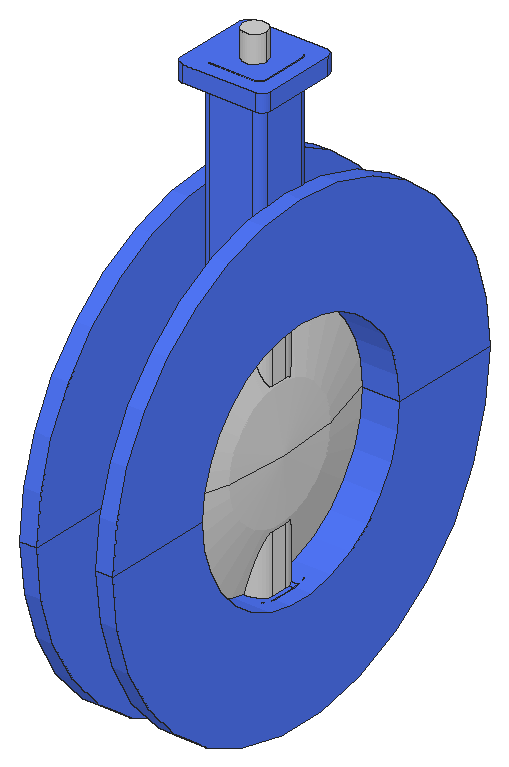
Revit family "820-20-024-DN150-1600", category Generic Models, Revit 2019
Family settings
  Can host rebar = No
  Round Connector Dimension = Use Diameter
  Part Type = Normal
  Work Plane-Based = No
  Always vertical = Yes
  Cut with Voids When Loaded = No
  Shared = No
  Room Calculation Point = No
Parameters (values of type "DN0150_PN10/16")
  W2_ref = size_lookup(Search_table, "W2", 0 mm, DN)  # 210 mm
  URL product pages = "https://www.avkvalves.com/P.aspx?no=820015020021L0160002"
  Search_table = "820-20-024-DN150-1600"
  L_ref_3 = L_ref / 1.2  # 30 mm
  L_ref_2 = L_ref * 1.5  # 54 mm
  L_ref = L - (Flange_thickness * 2)  # 36 mm
  L2 = size_lookup(Search_table, "L2", 0 mm, DN) / 2  # 142.5 mm
  L = size_lookup(Search_table, "L", 0 mm, DN)  # 56 mm
  ID = DN / 2  # 75 mm
  H2 = size_lookup(Search_table, "H2", 0 mm, DN)  # 143 mm
  Flange_thickness = size_lookup(Search_table, "Flange_Thickness", 0 mm, DN)  # 10 mm
  F2 = size_lookup(Search_table, "F2", 0 mm, DN)  # 16 mm
  F = size_lookup(Search_table, "F", 0 mm, DN)  # 14 mm
  Description_ = "AVK CENTRIC U-SECTION BUTTERFLY VALVE"
  DN = 150 mm
  Body_wallthickness = 10 mm  # constant formula
  820-1600-20-02060161002 = "DN1600_PN16"
  820-1600-20-02060031002 = "DN1600_PN10"
  820-1400-20-02060161002 = "DN1400_PN16"
  820-1400-20-02060031002 = "DN1400_PN10"
  820-1200-20-02060161002 = "DN1200_PN16"
  820-1200-20-02060031002 = "DN1200_PN10"
  820-1100-20-02060161002 = "DN1100_PN16"
  820-1100-20-02060031002 = "DN1100_PN10"
  820-1000-20-02060161002 = "DN1000_PN16"
  820-1000-20-02060031002 = "DN1000_PN10"
  820-0900-20-02060161002 = "DN900_PN16"
  820-0900-20-02060031002 = "DN900_PN10"
  820-0800-20-02060161002 = "DN800_PN16"
  820-0800-20-02060031002 = "DN800_PN10"
  820-0700-20-02060161002 = "DN700_PN16"
  820-0700-20-02060031002 = "DN700_PN10"
  820-0600-20-02060161002 = "DN600_PN16"
  820-0600-20-02060031002 = "DN600_PN10"
  820-0500-20-02060161002 = "DN500_PN16"
  820-0500-20-02060031002 = "DN500_PN10"
  820-0450-20-02060161002 = "DN450_PN16"
  820-0450-20-02060031002 = "DN450_PN10"
  820-0400-20-02020160002 = "DN400_PN16"
  820-0400-20-02020030002 = "DN400_PN10"
  820-0350-20-02020160002 = "DN350_PN16"
  820-0350-20-02020030002 = "DN350_PN10"
  820-0300-20-021L0160002 = "DN300_PN16"
  820-0300-20-021L0030002 = "DN300_PN10"
  820-0250-20-021L0160002 = "DN250_PN16"
  820-0250-20-021L0030002 = "DN250_PN10"
  820-0200-20-021L0160002 = "DN200_PN16"
  820-0200-20-021L0030002 = "DN200_PN10"
  820-0150-20-021L0160002 = "DN150_PN 10/16"
Types (34, lengths in mm): name | W2_ref | L_ref_3 | L_ref_2 | L_ref | L2 | L | ID | H2 | Flange_thickness | F2 | F | DN
  (no name) | 210 | 30 | 54 | 36 | 142.5 | 56 | 75 | 143 | 10 | 16 | 14 | 150
  DN0150_PN10/16 | 210 | 30 | 54 | 36 | 142.5 | 56 | 75 | 143 | 10 | 16 | 14 | 150
  DN0200_PN10 | 240 | 33.333 | 60 | 40 | 170 | 60 | 100 | 170 | 10 | 19 | 17 | 200
  DN0200_PN16 | 240 | 33.333 | 60 | 40 | 170 | 60 | 100.05 | 170 | 10 | 19 | 17 | 200.1
  DN0250_PN10 | 279 | 40 | 72 | 48 | 203 | 68 | 125 | 200 | 10 | 24 | 22 | 250
  DN0250_PN16 | 279 | 40 | 72 | 48 | 203 | 68 | 125.05 | 200 | 10 | 24 | 22 | 250.1
  DN0300_PN10 | 315 | 48.333 | 87 | 58 | 241 | 78 | 150 | 239 | 10 | 24 | 22 | 300
  DN0300_PN16 | 315 | 48.333 | 87 | 58 | 241 | 78 | 150.05 | 239 | 10 | 24 | 22 | 300.1
  DN0350_PN10 | 330 | 46.667 | 84 | 56 | 266.5 | 80 | 175 | 265 | 12 | 40 | 22 | 350
  DN0350_PN16 | 330 | 46.667 | 84 | 56 | 266.5 | 80 | 175.05 | 265 | 12 | 40 | 22 | 350.1
  DN0400_PN10 | 365 | 65 | 117 | 78 | 298.5 | 102 | 200 | 296 | 12 | 40 | 27 | 400
  DN0400_PN16 | 365 | 65 | 117 | 78 | 298.5 | 102 | 200.05 | 296 | 12 | 40 | 27 | 400.1
  DN0450_PN10 | 397 | 69.167 | 124.5 | 83 | 320 | 113 | 225 | 355 | 15 | 65 | 45 | 450
  DN0450_PN16 | 397 | 69.167 | 124.5 | 83 | 320 | 113 | 225.05 | 355 | 15 | 65 | 45 | 450.1
  DN0500_PN10 | 437 | 76.667 | 138 | 92 | 357.5 | 126 | 250 | 393 | 17 | 65 | 45 | 500
  DN0500_PN16 | 437 | 76.667 | 138 | 92 | 357.5 | 126 | 250.05 | 393 | 17 | 65 | 45 | 500.1
  DN0600_PN10 | 522 | 99.167 | 178.5 | 119 | 420 | 153 | 300 | 464 | 17 | 80 | 70 | 600
  DN0600_PN16 | 522 | 99.167 | 178.5 | 119 | 420 | 153 | 300.05 | 464 | 17 | 80 | 70 | 600.1
  DN0700_PN10 | 565 | 108.333 | 195 | 130 | 463.5 | 168 | 350 | 503 | 19 | 80 | 70 | 700
  DN0700_PN16 | 565 | 108.333 | 195 | 130 | 463.5 | 168 | 350.05 | 503 | 19 | 80 | 70 | 700.1
  DN0800_PN10 | 627 | 123.333 | 222 | 148 | 530 | 190 | 400 | 577 | 21 | 80 | 70 | 800
  DN0800_PN16 | 627 | 123.333 | 222 | 148 | 530 | 190 | 400.05 | 577 | 21 | 80 | 70 | 800.1
  DN0900_PN10 | 696 | 131.667 | 237 | 158 | 585 | 204 | 450 | 643 | 23 | 100 | 80 | 900
  DN0900_PN16 | 696 | 131.667 | 237 | 158 | 585 | 204 | 450.05 | 643 | 23 | 100 | 80 | 900.1
  DN1000_PN10 | 745 | 140 | 252 | 168 | 627.5 | 218 | 500 | 693 | 25 | 100 | 80 | 1000
  DN1000_PN16 | 745 | 140 | 252 | 168 | 627.5 | 218 | 500.05 | 693 | 25 | 100 | 80 | 1000.1
  DN1100_PN10 | 820 | 140 | 252 | 168 | 697.5 | 218 | 550 | 738 | 25 | 100 | 80 | 1100
  DN1100_PN16 | 820 | 140 | 252 | 168 | 697.5 | 218 | 550.05 | 738 | 25 | 100 | 80 | 1100.1
  DN1200_PN10 | 881 | 166.667 | 300 | 200 | 742.5 | 254 | 600 | 806 | 27 | 120 | 100 | 1200
  DN1200_PN16 | 881 | 166.667 | 300 | 200 | 742.5 | 254 | 600.05 | 806 | 27 | 120 | 100 | 1200.1
  DN1400_PN10 | 990 | 185 | 333 | 222 | 873 | 280 | 700 | 908 | 29 | 120 | 120 | 1400
  DN1400_PN16 | 990 | 185 | 333 | 222 | 873 | 280 | 700.05 | 908 | 29 | 120 | 120 | 1400.1
  DN1600_PN10 | 1117 | 216.667 | 390 | 260 | 962 | 318 | 800 | 1048 | 29 | 155 | 130 | 1600
  DN1600_PN16 | 1117 | 216.667 | 390 | 260 | 962 | 318 | 800.05 | 1048 | 29 | 155 | 130 | 1600.1
Reference planes
  plane 1 "Center (Front/Back)": y = 0
  plane 2: z = 0
  plane 3 "Center (Left/Right)": x = 0
  plane 4: z = 210
  plane 5: z = -143
  plane 6: y = 18
  plane 7: x = -18
  plane 8: y = -18
  plane 9: x = 18
  plane 10: x = -13
  plane 11: x = 13
  plane 12: y = -13
  plane 13: y = -13
  plane 14: x = -13
  plane 15: x = 13
  plane 16: y = 13
  plane 17: y = 13
  plane 18: y = 27
  plane 19: x = 27
  plane 20: y = -27
  plane 21: x = -27
  plane 22: x = 22
  plane 23: y = 21.506
  plane 24: y = -22
  plane 25: x = 22
  plane 26: x = -21.715
  plane 27: y = -22
  plane 28: y = 21.506
  plane 29: x = -21.715
  plane 30: z = 226
  plane 31: y = 15
  plane 32: x = -15
  plane 33: x = 15
  plane 34: y = -15
  plane 35: x = -5
  plane 36: x = 5
  plane 37: y = 5
  plane 38: y = -5
  plane 39: x = 5
  plane 40: x = -5
  plane 41: y = -5
  plane 42: y = 5
  plane 43: z = 75
  plane 44: z = -75
  plane 45: y = 142.5
  plane 46: y = -142.5
Forms (mm)
  Revolve 1, solid, material "Plastic"
    sketch origin (0, 0, 0) x (1, 0, 0) y (0, 1, 0)
      loop
        line (-18, 142.5) -> (-28, 142.5) -> (-28, 75) -> (28, 75) -> (28, 142.5) -> (18, 142.5) -> (18, 85) -> (-18, 85) -> (-18, 142.5)
      axis (-28, 0) -> (28, 0)
    angle from 0 to 360
  Extrusion 2, solid, material "Plastic"
    sketch origin (0, 0, 0) x (1, 0, 0) y (0, 1, 0)
      loop
        arc (-13, 18) -> (-16.536, 16.536) -> (-18, 13) r 5
        line (-18, 13) -> (-18, -13)
        arc (-18, -13) -> (-16.536, -16.536) -> (-13, -18) r 5
        line (-13, -18) -> (13, -18)
        arc (13, -18) -> (16.536, -16.536) -> (18, -13) r 5
        line (18, -13) -> (18, 13)
        arc (18, 13) -> (16.536, 16.536) -> (13, 18) r 5
        line (13, 18) -> (-13, 18)
    from -143 to 210
  Extrusion 3, solid, material "Plastic"
    sketch origin (0, 0, 0) x (1, 0, 0) y (0, 1, 0)
      loop
        arc (-21.715, 27) -> (-25.527, 25.378) -> (-27, 21.506) r 5.289
        line (-27, 21.506) -> (-27, -22)
        arc (-27, -22) -> (-25.434, -25.638) -> (-21.715, -27) r 5.008
        line (-21.715, -27) -> (22, -27)
        arc (22, -27) -> (25.536, -25.536) -> (27, -22) r 5
        line (27, -22) -> (27, 21.506)
        arc (27, 21.506) -> (25.563, 25.22) -> (22, 27) r 5.518
        line (22, 27) -> (-21.715, 27)
    from 200 to 210
  Extrusion 4, solid, material "Stainless Steel AISI 304"
    sketch origin (0, 0, 0) x (1, 0, 0) y (0, 1, 0)
      loop
        circle (0, 0) r 7
    from 210 to 226
  Revolve 5, void
    sketch origin (0, 0, 0) x (1, 0, 0) y (0, 1, 0)
      loop
        line (-28, 75) -> (-28, 0) -> (28, 0) -> (28, 75) -> (-28, 75)
      axis (-28, 0) -> (28, 0)
    angle from 0 to 360
  Revolve 6, solid, material "Stainless Steel AISI 304"
    sketch origin (0, 0, 0) x (1, 0, 0) y (0, 1, 0)
      loop
        line (-18, 0) -> (18, 0)
        arc (18, 0) -> (15.429, 38.181) -> (5, 75) r 183.609
        line (5, 75) -> (-5, 75)
        arc (-5, 75) -> (-15.429, 38.181) -> (-18, 0) r 183.609
      axis (-18, 0) -> (18, 0)
    angle from 0 to 360
  Extrusion 7, solid, material "Stainless Steel AISI 304"
    sketch origin (0, 0, 0) x (1, 0, 0) y (0, 1, 0)
      loop
        arc (-5, 15) -> (-12.071, 12.071) -> (-15, 5) r 10
        line (-15, 5) -> (-15, -5)
        arc (-15, -5) -> (-12.071, -12.071) -> (-5, -15) r 10
        line (-5, -15) -> (5, -15)
        arc (5, -15) -> (12.071, -12.071) -> (15, -5) r 10
        line (15, -5) -> (15, 5)
        arc (15, 5) -> (12.071, 12.071) -> (5, 15) r 10
        line (5, 15) -> (-5, 15)
    from -75 to 75
Cuts and joins
  Revolve 5 cuts Revolve 1
  Revolve 5 cuts Extrusion 2
Dimensions and locks
  equal spacing: Revolve 1 sketch curve, plane 3 "Center (Left/Right)", Revolve 1 sketch curve
  "ID": plane 1 "Center (Front/Back)" to Revolve 1 sketch curve
  "L": Revolve 1 sketch curve to Revolve 1 sketch curve
  "Body_wallthickness": Revolve 1 sketch curve to Revolve 1 sketch curve
  "L2": plane 1 "Center (Front/Back)" to Revolve 1 sketch curve
  "Flange_thickness": Revolve 1 sketch curve to Revolve 1 sketch curve  (x2)
  "W2_ref": plane 4 to level
  "H2": level to plane 5
  locked: plane 7 to plane 10 at 5
  locked: plane 11 to plane 9 at 5
  locked: plane 6 to plane 16 at 5
  locked: plane 12 to plane 8 at 5
  locked: plane 15 to plane 9 at 5
  locked: plane 7 to plane 14 at 5
  locked: plane 13 to plane 8 at 5
  locked: plane 17 to plane 6 at 5
  equal spacing: plane 7, plane 3 "Center (Left/Right)", plane 9
  "L_ref": plane 7 to plane 9
  equal spacing: plane 6, plane 1 "Center (Front/Back)", plane 8
  "L_ref": plane 6 to plane 8
  equal spacing: plane 21, plane 3 "Center (Left/Right)", plane 19
  equal spacing: plane 18, plane 1 "Center (Front/Back)", plane 20
  "L_ref_2": plane 21 to plane 19
  "L_ref_2": plane 18 to plane 20
  locked: plane 18 to plane 23 at 5.494
  locked: plane 24 to plane 20 at 5
  locked: plane 25 to plane 19 at 5
  locked: plane 21 to plane 26 at 5.285
  locked: plane 27 to plane 20 at 5
  locked: plane 28 to plane 18 at 5.494
  locked: plane 21 to plane 29 at 5.285
  locked: plane 22 to plane 19 at 5
  "Flange_thickness": plane 4 to Extrusion 3
  "F2": plane 30 to plane 4
  "ID": plane 1 "Center (Front/Back)" to Revolve 5 sketch curve
  "ID": Revolve 6 sketch curve to plane 1 "Center (Front/Back)"
  equal spacing: Revolve 6 sketch curve, plane 3 "Center (Left/Right)", Revolve 6 sketch curve  (x2)
  "Flange_thickness": Revolve 6 sketch curve to Revolve 6 sketch curve
  "L_ref": Revolve 6 sketch curve to Revolve 6 sketch curve
  "Flange_thickness": plane 36 to plane 33
  "Flange_thickness": plane 31 to plane 37
  "Flange_thickness": plane 32 to plane 35
  "Flange_thickness": plane 42 to plane 31
  "Flange_thickness": plane 41 to plane 34
  "Flange_thickness": plane 32 to plane 40
  "Flange_thickness": plane 39 to plane 33
  "Flange_thickness": plane 38 to plane 34
  equal spacing: plane 32, plane 3 "Center (Left/Right)", plane 33
  "L_ref_3": plane 32 to plane 33
  equal spacing: plane 31, plane 1 "Center (Front/Back)", plane 34
  "L_ref_3": plane 31 to plane 34
  equal spacing: plane 43, level, plane 44
  "ID": plane 43 to level
  equal spacing: plane 45, plane 1 "Center (Front/Back)", plane 46
  "L2": plane 1 "Center (Front/Back)" to plane 46
  plane 45 to plane 46 = 285 mm
  "F": diameter of Extrusion 4 sketch curve
  aligned and locked: level to plane 2
  aligned and locked: Revolve 1 sketch curve to Revolve 1 sketch curve
  aligned and locked: plane 1 "Center (Front/Back)" to Revolve 1 sketch curve
  aligned and locked: plane 11 to Extrusion 2 sketch curve
  aligned and locked: plane 6 to Extrusion 2 sketch curve  (x2)
  aligned and locked: plane 16 to Extrusion 2 sketch curve
  aligned and locked: plane 9 to Extrusion 2 sketch curve  (x2)
  aligned and locked: plane 12 to Extrusion 2 sketch curve
  aligned and locked: plane 8 to Extrusion 2 sketch curve  (x2)
  aligned and locked: plane 15 to Extrusion 2 sketch curve
  aligned and locked: plane 14 to Extrusion 2 sketch curve
  aligned and locked: plane 7 to Extrusion 2 sketch curve  (x2)
  aligned and locked: plane 13 to Extrusion 2 sketch curve
  aligned and locked: plane 17 to Extrusion 2 sketch curve
  aligned and locked: plane 10 to Extrusion 2 sketch curve
  aligned and locked: plane 4 to Extrusion 2
  aligned and locked: Extrusion 2 to plane 5
  aligned and locked: plane 29 to Extrusion 3 sketch curve
  aligned and locked: plane 18 to Extrusion 3 sketch curve  (x2)
  aligned and locked: plane 22 to Extrusion 3 sketch curve
  aligned and locked: plane 19 to Extrusion 3 sketch curve  (x2)
  aligned and locked: plane 23 to Extrusion 3 sketch curve
  aligned and locked: plane 24 to Extrusion 3 sketch curve
  aligned and locked: plane 20 to Extrusion 3 sketch curve  (x2)
  aligned and locked: plane 25 to Extrusion 3 sketch curve
  aligned and locked: plane 26 to Extrusion 3 sketch curve
  aligned and locked: plane 21 to Extrusion 3 sketch curve  (x2)
  aligned and locked: plane 27 to Extrusion 3 sketch curve
  aligned and locked: plane 28 to Extrusion 3 sketch curve
  aligned and locked: plane 4 to Extrusion 3
  aligned and locked: plane 30 to Extrusion 4
  aligned and locked: Extrusion 4 to plane 4
  aligned and locked: Revolve 5 sketch curve to Revolve 1
  aligned and locked: Revolve 5 sketch curve to plane 1 "Center (Front/Back)"
  aligned and locked: Revolve 1 to Revolve 5 sketch curve
  aligned and locked: Revolve 5 sketch curve to Revolve 5 sketch curve
  aligned and locked: plane 1 "Center (Front/Back)" to Revolve 6 sketch curve
  aligned and locked: Revolve 6 sketch curve to Revolve 6 sketch curve
  aligned and locked: Extrusion 7 sketch curve to plane 36
  aligned and locked: plane 31 to Extrusion 7 sketch curve  (x2)
  aligned and locked: plane 37 to Extrusion 7 sketch curve
  aligned and locked: plane 33 to Extrusion 7 sketch curve  (x2)
  aligned and locked: plane 38 to Extrusion 7 sketch curve
  aligned and locked: plane 34 to Extrusion 7 sketch curve  (x2)
  aligned and locked: plane 39 to Extrusion 7 sketch curve
  aligned and locked: plane 40 to Extrusion 7 sketch curve
  aligned and locked: plane 32 to Extrusion 7 sketch curve  (x2)
  aligned and locked: plane 41 to Extrusion 7 sketch curve
  aligned and locked: plane 42 to Extrusion 7 sketch curve
  aligned and locked: Extrusion 7 sketch curve to plane 35
  aligned and locked: plane 43 to Extrusion 7
  aligned and locked: Extrusion 7 to plane 44
  aligned and locked: plane 3 "Center (Left/Right)" to nested 1
Automatic sketch dimensions
  Revolve 1 sketch curve to plane 3 "Center (Left/Right)" = 13 mm
  plane 3 "Center (Left/Right)" to Revolve 1 sketch curve = 18 mm
  plane 1 "Center (Front/Back)" to Extrusion 4 sketch curve = 0 mm
  Extrusion 4 sketch curve to plane 3 "Center (Left/Right)" = 0 mm
  plane 3 "Center (Left/Right)" to Revolve 5 sketch curve = 28 mm
  Revolve 5 sketch curve to plane 3 "Center (Left/Right)" = 14 mm
  Revolve 5 sketch curve to Revolve 5 sketch curve = 13 mm
  Revolve 6 sketch curve to plane 1 "Center (Front/Back)" = 6.823 mm  (x2)
  Revolve 6 sketch curve to plane 3 "Center (Left/Right)" = 1.894 mm
  Revolve 6 sketch curve to Revolve 6 sketch curve = 1.894 mm
Nested families
  nested 1: "Latest New 3" at (0, -85, 0.001) x (1, 0, 0) z (0, -1, 0), type "Latest New 3"
Connectors
  piping at (28, 0, 0), diameter 150, driven by "DN"
    settings: on Revolve 1, index 1, connector inside diameter 609.6 mm, connector length 0 mm, flow factor 0, pipe flow 0.0 L/s, pressure drop 0.0 Pa, fitting loss kfactor 0, connector angle 0.00°, fixture units 0, engagement length 0 mm, angle of deflection 0.00°, flow configuration 0, flow direction 0, fitting loss method 0, system type 7, joint type 0, gender type 0, connector reference index -1, connector utility 0, adjustable connector no, is connector primary yes, connector description ""
  piping at (-28, 0, 0), diameter 150, driven by "DN"
    settings: on Revolve 1, index 2, connector inside diameter 609.6 mm, connector length 0 mm, flow factor 0, pipe flow 0.0 L/s, pressure drop 0.0 Pa, fitting loss kfactor 0, connector angle 0.00°, fixture units 0, engagement length 0 mm, angle of deflection 0.00°, flow configuration 0, flow direction 0, fitting loss method 0, system type 7, joint type 0, gender type 0, connector reference index -1, connector utility 0, adjustable connector no, is connector primary no, connector description ""
Definition of nested family "Latest New 3"
  Parameters
    Default Elevation = 1219.2 mm
  Reference planes
    plane 1 "Center (Front/Back)": y = 0
    plane 2: z = 0
    plane 3 "Center (Left/Right)": x = 0
  Forms (mm)
    Extrusion 1, solid
      sketch origin (0, 0, 0) x (1, 0, 0) y (0, 1, 0)
        loop
          line (-1219.2, 1219.2) -> (-1219.2, -1219.2) -> (1219.2, -1219.2) -> (1219.2, 1219.2) -> (-1219.2, 1219.2)
      from 0 to -304.8
    Extrusion 2, solid
      sketch origin (0, 0, 0) x (1, 0, 0) y (0, 1, 0)
        loop
          line (-2.683, 9.413) -> (-9.884, 9.413) -> (-9.884, 7.46) -> (-4.022, 7.46) -> (-0.985, 0) -> (0.985, 0) -> (4.022, 7.46) -> (9.884, 7.46) -> (9.884, 9.413) -> (2.683, 9.413) -> (0, 2.824) -> (-2.683, 9.413)
        loop
          line (-4.528, 6.707) -> (-9.884, 6.707) -> (-9.884, 4.824) -> (-8.032, 4.824) -> (-9.884, 0) -> (-7.792, 0) -> (-7.394, 1.035) -> (-4.328, 1.035) -> (-3.907, 0) -> (-1.798, 0) -> (-4.528, 6.707)
        loop
          line (-6.91, 2.824) -> (-5.056, 2.824) -> (-6.01, 5.167) -> (-6.91, 2.824)
        loop
          line (1.798, 0) -> (3.907, 0) -> (4.98, 2.637) -> (6.968, 0) -> (9.413, 0) -> (7.166, 2.983)
          arc (7.166, 2.983) -> (8.216, 3.774) -> (9.007, 4.824) r 4.724
          line (9.007, 4.824) -> (9.884, 4.824) -> (9.884, 6.707) -> (8.001, 6.707)
          arc (8.001, 6.707) -> (7.315, 5.008) -> (5.642, 4.261) r 2.448
          line (5.642, 4.261) -> (6.637, 6.707) -> (4.528, 6.707) -> (1.798, 0)
      from 0 to 1
  Dimensions and locks
    aligned and locked: plane 2 to Extrusion 1
    aligned and locked: level to Extrusion 1
    aligned and locked: Extrusion 2 sketch curve to import instance  (x30)
